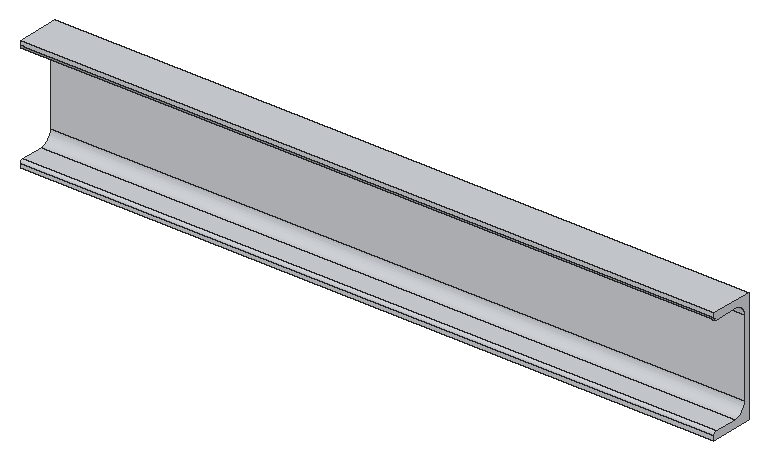
Revit family "StructuralFraming_ChannelProfile", category Structural Framing, Revit 2018
Family settings
  Structural Framing Length Roundoff = 1 mm
  Section Shape = C-channel Parallel Flange
  Material for Model Behavior = Steel
  Always export as geometry = No
  Always vertical = Yes
  Cut with Voids When Loaded = No
  Symbolic Representation = From Project Settings
  Shared = No
  Show family pre-cut in plan views = Yes
Parameters (values of type "ChannelProfile")
  Width = 75 mm
  Web Toe of Fillet = 0 mm
  Web Thickness = 8 mm
  Web Fillet = 20 mm
  Warping Constant = (empty or 0)
  Torsional Moment of Inertia = 0 cm⁴
  Torsional Modulus = 0 cm³
  Structural Material [instance] = none
  Shear Area weak axis = 0.0 cm²
  Shear Area strong axis = 0.0 cm²
  Section Area = 0.0 cm²
  Principal Axes Angle = 0.00°
  Plastic Modulus weak axis = 0 cm³
  Plastic Modulus strong axis = 0 cm³
  Perimeter = (empty or 0)
  Nominal Weight = 0 N/m
  Moment of Inertia weak axis = 0 cm⁴
  Moment of Inertia strong axis = 0 cm⁴
  Height = 200 mm
  Flange Toe of Fillet = 5 mm
  Flange Thickness = 12 mm
  Elastic Modulus weak axis = 0 cm³
  Elastic Modulus strong axis = 0 cm³
  Clear Web Height = 0 mm
  Centroid Vertical = 0 mm
  Centroid Horizontal = 22 mm
  Bolt Spacing = 0 mm
  built-in parameter 1005539 = (empty or 0)
  Assembly Code = ""
  Length [instance] = 1500 mm
Reference planes
  plane 1 "Center (Front/Back)": y = 0
  plane 2: z = 0
  plane 3 "Center (Left/Right)": x = 4.61
  plane 4 "Member Left": x = -604.99
  plane 5 "Member Right": x = 614.21
  plane 6: y = 22.2
  plane 7: y = -52.8
  plane 8 "Top": z = 100
  plane 9: z = -100
  plane 10 "t": y = 17.462
  plane 11 "Left": x = -757.39
  plane 12 "Right": x = 742.61
Forms (mm)
  Sweep 1, solid, material <- "Structural Material", detail levels fine
    path origin (0, 0, 0) x (1, 0, 0) y (0, 1, 0)
      loop
        line (614.21, 0) -> (-604.99, 0)
    profile "ChannelProfile-Fine : ChannelProfile-Fine" origin (4.61, 0, 0) x (0, -1, 0) y (0, 0, 1)
      loop
        line (-22, -100) -> (53, -100) -> (53, -93)
        arc (53, -93) -> (51.536, -89.464) -> (48, -88) r 5
        line (48, -88) -> (6, -88)
        arc (6, -88) -> (-8.142, -82.142) -> (-14, -68) r 20
        line (-14, -68) -> (-14, 68)
        arc (-14, 68) -> (-8.142, 82.142) -> (6, 88) r 20
        line (6, 88) -> (48, 88)
        arc (48, 88) -> (51.536, 89.464) -> (53, 93) r 5
        line (53, 93) -> (53, 100) -> (-22, 100) -> (-22, -100)
  Sweep 2, solid, material <- "Structural Material", detail levels medium
    path origin (0, 0, 0) x (1, 0, 0) y (0, 1, 0)
      loop
        line (614.21, 0) -> (-604.99, 0)
    profile "ChannelProfile-Medium : ChannelProfile-Medium" origin (4.61, 0, 0) x (0, -1, 0) y (0, 0, 1)
      loop
        line (-22, -100) -> (53, -100) -> (53, -88) -> (-14, -88) -> (-14, 88) -> (53, 88) -> (53, 100) -> (-22, 100) -> (-22, -100)
Lines and regions (mm)
  symbolic lines, style "Hidden Faces", detail levels medium+fine
    curve 1: line (-604.99, 17.462, 0) -> (614.21, 17.462, 0)
    curve 2: line (-604.99, 17.462, 86.531) -> (614.21, 17.462, 86.531)
    curve 3: line (-604.99, 17.462, -86.531) -> (614.21, 17.462, -86.531)
  symbolic lines, style "Stick Symbols", detail levels coarse
    curve 4: line (4.61, 22, 100) -> (4.61, -53, 100)
    curve 5: line (4.61, 22, -100) -> (4.61, 22, 100)
    curve 6: line (4.61, -53, -100) -> (4.61, 22, -100)
Dimensions and locks
  plane 6 to plane 7 = 75 mm
  plane 9 to plane 8 "Top" = 200 mm
  plane 6 to plane 1 "Center (Front/Back)" = 22.2 mm
  equal spacing: plane 9, plane 2, plane 8 "Top"
  "Length": plane 11 "Left" to plane 12 "Right"
  aligned and locked: Sweep 1 sketch curve to plane 1 "Center (Front/Back)"
  aligned and locked: Sweep 2 sketch curve to plane 1 "Center (Front/Back)"
  aligned and locked: curve 4 to Sweep 2
  aligned and locked: curve 5 to Sweep 2
  aligned and locked: Sweep 2 to curve 6
  aligned and locked: Sweep 2 to curve 4
  aligned and locked: curve 6 to Sweep 2
  aligned and locked: plane 4 "Member Left" to Sweep 1 sketch curve
  aligned and locked: plane 5 "Member Right" to Sweep 1 sketch curve
  aligned and locked: plane 4 "Member Left" to Sweep 2 sketch curve
  aligned and locked: plane 5 "Member Right" to Sweep 2 sketch curve
  aligned and locked: plane 4 "Member Left" to curve 1
  aligned and locked: plane 5 "Member Right" to curve 1
  aligned and locked: plane 4 "Member Left" to curve 2
  aligned and locked: plane 5 "Member Right" to curve 2
  aligned and locked: plane 4 "Member Left" to curve 3
  aligned and locked: plane 5 "Member Right" to curve 3
Automatic sketch dimensions
  curve 1 to plane 10 "t" = 0 mm
  curve 3 to plane 9 = 13.469 mm
  plane 8 "Top" to curve 2 = 13.469 mm
